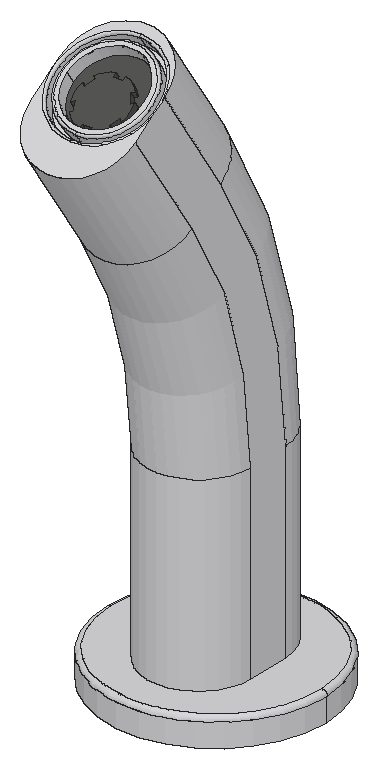
Revit family "Faucet_Touchless-Lavatory-KOHLER-Oblo-K-123B16", category Plumbing Fixtures, host Face, Revit 2017
Family settings
  Host = Face
  Round Connector Dimension = Use Diameter
  Part Type = Normal
  OmniClass Number = 23.31.11.00
  OmniClass Title = Faucets
  Cut with Voids When Loaded = No
  Shared = No
  Room Calculation Point = No
Parameters (values of type "CP-Polished Chrome")
  Width = 2 5/16"  # constant formula
  WaterSense Certified = 1 = 0  # no
  Waste Water Outlet = "Waste Water Outlet"  # constant formula
  Waste Connection = 1 = 0  # no
  Voltage = 120 V  # constant formula
  Vent Connection = 1 = 0  # no
  URL = "https://www.us.kohler.com/us/"
  Spout Reach = 6 1/8"  # constant formula
  Product Page URL = "http://www.us.kohler.com/us/catalog/productDetails.jsp?productNumber=123B16-SANA"
  Product Name = "Oblo"  # constant formula
  Product Documentation Link = "https://www.us.kohler.com/webassets/kpna/catalog/pdf/en/K-123B16-SANA_spec.pdf"
  Pressure = 60.00 psi  # constant formula
  Model = "K-123B16-SANA-CP"  # constant formula
  Material = "Brass Construction"  # constant formula
  MasterFormat 2004 = "22.41.39"  # constant formula
  MasterFormat 1995 = "15410"  # constant formula
  Manufacturer Address = "444 Highland Dr, Kohler, WI 53044"  # constant formula
  Manufacturer = "KOHLER Co."  # constant formula
  Length = Spout Reach  # 6 1/8"
  Hot Water Inlet = "Tempered Water Inlet"  # constant formula
  Height = 2 5/16"  # constant formula
  HW Connection = 1 = 1  # yes
  Flow Rate = 0.5 GPM  # constant formula
  Finish = Kohler-Metal-CP-Polished_Chrome
  Environmental Product Declaration = ""
  Electrical Note = "One dedicated circuit required, protected with Class A Ground-Fault Circuit-Interrupter (GFCI). Outside North America, this device may be known as a Residual Current Device (RCD)"  # constant formula
  Electrical Connector = 1 = 1  # yes
  Drain Included = 1 = 1  # yes
  Description = "Wall-mount touchless faucet with Kinesis sensor technology, AC-powered"  # constant formula
  Default Elevation = 36"
  Declare Label = ""
  Date Modified = "01/09/2020"  # constant formula
  Date Created = "01/09/2020"  # constant formula
  Copyright = "Copyright KOHLER Co."  # constant formula
  Contact Us = "https://www.us.kohler.com/us/static/contact.jsp"
  Cold Water Inlet = "Cold Water Inlet"  # constant formula
  CW Connection = 1 = 0  # no
  Assembly Code = "D2010"
  Apparent Load = 15 A * Voltage  # 1800 VA
  ADA Compliant = 1 = 1  # yes
Reference planes (in)
  plane 1 "Center (Front/Back)": y = 0
  plane 2: z = 0
  plane 3 "Center (Left/Right)": x = 0
  plane 4: x = -1.15625
  plane 5: y = 1.15625
  plane 6: x = 1.15625
  plane 7: y = -1.15625
  plane 8: y = -1.5625
  plane 9: z = 6.125
  plane 10: z = 0.29528
  plane 11: x = -0.55395
  plane 12: x = 0.54842
  plane 13: y = 0.90394
Dimensions and locks (in)
  "Width": plane 4 to plane 6
  "Height": plane 7 to plane 5
  "Length": plane 9 to plane 2
  locked: plane 1 "Center (Front/Back)" to plane 8 at 1.5625
  aligned and locked: plane 2 to host face
  aligned and locked: level to host face
Automatic sketch dimensions
  host sketch curve to host sketch curve = 96"  (x2)
Nested families (in)
  nested 1: "K-123B16" at (0, 0, 0), type "K-123B16"
Connectors (in)
  piping at (0, 0, 0), diameter 0.375, driven by "Flow Rate", driven by "Pressure", driven by "HW Connection", driven by "Hot Water Inlet"
    settings: on nested 1, index 1, connector inside diameter 24", connector length 0", flow factor 0, pipe flow 0.5 GPM, pressure drop 60.00 psi, fitting loss kfactor 0, connector angle 0.00°, fixture units 0, engagement length 0", angle of deflection 0.00°, flow configuration 1, flow direction 1, fitting loss method 4, system type 19, joint type 0, gender type 0, connector reference index -1, connector utility 1, adjustable connector no, is connector primary yes, connector description "Tempered Water Inlet"
  electrical at (0, 0.90394, 0), driven by "Voltage", driven by "Apparent Load", driven by "Electrical Connector", driven by "Electrical Note"
    settings: on nested 1, index 2, voltage 120 V, apparent load 1800 VA, apparent load phase1 0 VA, apparent load phase2 0 VA, apparent load phase3 0 VA, power factor 1, load classification "Other", number of poles 1, system type 30, power factor state 1, is connector primary yes, connector utility yes, sub classification motor no, connector description "One dedicated circuit required, protected with Class A Ground-Fault Circuit-Interrupter (GFCI). Outside North America, this device may be known as a Residual Current Device (RCD)"
Definition of nested family "K-123B16"
  Parameters (values of type "K-123B16")
    Material = none
  Reference planes (in)
    plane 1 "Center (Front/Back)": y = 0
    plane 2: z = 0
    plane 3 "Center (Left/Right)": x = 0
    plane 4: y = 1.15625
    plane 5: y = -1.15625
    plane 6: x = 1.15625
    plane 7: x = -1.15625
    plane 8: z = 6.125
    plane 9: y = -1.5625
    plane 10: z = 0.29528
    plane 11: y = 0.90394
  Forms (in)
    Sweep 1, solid, material <- "Material", detail levels medium+fine
      path origin (0, 0, 0) x (0, 1, 0) y (0, 0, 1)
        loop
          line (-0.77872, 0.29528) -> (-0.77872, 2.27834)
          arc (-0.77872, 2.27834) -> (-0.95217, 3.46828) -> (-1.4581, 4.55918) r 4.16835
          line (-1.4581, 4.55918) -> (-2.19355, 5.68419)
      profile origin (0, -0.77872, 1.28681) x (0, -1, 0) y (1, 0, 0)
        loop
          spline (-0.5473, -0.55395) -> (-0.40566, -0.53516) -> (-0.27367, -0.48008) -> (-0.16033, -0.39247) -> (-0.07337, -0.27829) -> (-0.01872, -0.14532) -> (-0.0001, -0.00264) -> (-0.01878, 0.14003) -> (-0.07349, 0.27297) -> (-0.1605, 0.38711) -> (-0.27388, 0.47467) -> (-0.40589, 0.52969) -> (-0.54754, 0.54842)
          line (-0.54754, 0.54842) -> (-1.00006, 0.54842)
          spline (-1.00006, 0.54842) -> (-1.14168, 0.52963) -> (-1.27365, 0.47457) -> (-1.38698, 0.38698) -> (-1.47394, 0.27282) -> (-1.52861, 0.13989) -> (-1.54725, -0.00277) -> (-1.52861, -0.14542) -> (-1.47394, -0.27836) -> (-1.38698, -0.39251) -> (-1.27365, -0.4801) -> (-1.14168, -0.53517) -> (-1.00006, -0.55395)
          line (-1.00006, -0.55395) -> (-0.5473, -0.55395)
    Sweep 2, solid, material <- "Material", detail levels medium+fine
      path origin (0, 0, 0) x (1, 0, 0) y (0, 1, 0)
        loop
          circle (0, 0) r 1.15625
      profile origin (0, 1.15625, 0) x (0, -1, 0) y (0, 0, 1)
        loop
          line (0, 0) -> (0.1084, 0) -> (0.1084, 0.29528) -> (0.05099, 0.29528)
          arc (0.05099, 0.29528) -> (0.01494, 0.28034) -> (0, 0.24428) r 0.05099
          line (0, 0.24428) -> (0, 0)
    Extrusion 3, solid, material <- "Material", detail levels medium+fine
      sketch origin (0, 0, 0) x (1, 0, 0) y (0, 1, 0)
        loop
          circle (0, 0) r 1.04785
      from 0 to 0.29528
    Extrusion 4, void
      sketch origin (0, -2.19355, 5.68419) x (1, 0, 0) y (0, 0.837014, 0.547181)
        loop
          circle (-0.00142, 0.89489) r 0.40439
      from -0.14394 to 0.32757
    Extrusion 5, solid, material <- "Material", detail levels coarse
      sketch origin (0, 0, 0) x (1, 0, 0) y (0, 1, 0)
        loop
          circle (0, 0) r 1.15625
      from 0 to 0.29528
    Sweep 6, solid, material <- "Material", detail levels coarse
      path origin (0, 0, 0) x (0, 1, 0) y (0, 0, 1)
        loop
          line (-0.77872, 0.29528) -> (-0.77872, 2.27834)
          arc (-0.77872, 2.27834) -> (-0.95217, 3.46828) -> (-1.4581, 4.55918) r 4.16835
          line (-1.4581, 4.55918) -> (-2.20601, 5.70325)
      profile origin (0, -0.77872, 1.28681) x (0, -1, 0) y (1, 0, 0)
        loop
          spline (-0.5473, -0.55395) -> (-0.40566, -0.53516) -> (-0.27367, -0.48008) -> (-0.16033, -0.39247) -> (-0.07337, -0.27829) -> (-0.01872, -0.14532) -> (-0.0001, -0.00264) -> (-0.01878, 0.14003) -> (-0.07349, 0.27297) -> (-0.1605, 0.38711) -> (-0.27388, 0.47467) -> (-0.40589, 0.52969) -> (-0.54754, 0.54842)
          line (-0.54754, 0.54842) -> (-1.00006, 0.54842)
          spline (-1.00006, 0.54842) -> (-1.14168, 0.52963) -> (-1.27365, 0.47457) -> (-1.38698, 0.38698) -> (-1.47394, 0.27282) -> (-1.52861, 0.13989) -> (-1.54725, -0.00277) -> (-1.52861, -0.14542) -> (-1.47394, -0.27836) -> (-1.38698, -0.39251) -> (-1.27365, -0.4801) -> (-1.14168, -0.53517) -> (-1.00006, -0.55395)
          line (-1.00006, -0.55395) -> (-0.5473, -0.55395)
    Extrusion 7, solid, material <- "Material", detail levels medium+fine
      sketch origin (0, 0, 0) x (1, 0, 0) y (0, 1, 0)
        loop
          circle (0, 0) r 0.1875
        loop
          circle (0, 0.90394) r 0.0625
      from 0 to 0.01554
    Extrusion 8, solid, detail levels medium+fine
      sketch origin (0, -2.19355, 5.68419) x (1, 0, 0) y (0, 0.837014, 0.547181)
        loop
          line (-0.05377, 0.51518) -> (-0.05377, 0.55513) -> (0.04532, 0.55513) -> (0.04532, 0.51518)
          arc (0.04532, 0.51518) -> (0.14003, 0.54955) -> (0.21714, 0.61439) r 0.2885
          line (0.21714, 0.61439) -> (0.18255, 0.63436) -> (0.23209, 0.72017) -> (0.26669, 0.7002)
          arc (0.26669, 0.7002) -> (0.28428, 0.7994) -> (0.26669, 0.89861) r 0.2885
          line (0.26669, 0.89861) -> (0.23209, 0.87864) -> (0.18255, 0.96445) -> (0.21714, 0.98442)
          arc (0.21714, 0.98442) -> (0.14003, 1.04926) -> (0.04532, 1.08362) r 0.2885
          line (0.04532, 1.08362) -> (0.04532, 1.04368) -> (-0.05377, 1.04368) -> (-0.05377, 1.08362)
          arc (-0.05377, 1.08362) -> (-0.14848, 1.04926) -> (-0.2256, 0.98442) r 0.2885
          line (-0.2256, 0.98442) -> (-0.19101, 0.96445) -> (-0.24055, 0.87864) -> (-0.27514, 0.89861)
          arc (-0.27514, 0.89861) -> (-0.29273, 0.7994) -> (-0.27514, 0.7002) r 0.2885
          line (-0.27514, 0.7002) -> (-0.24055, 0.72017) -> (-0.19101, 0.63436) -> (-0.2256, 0.61439)
          arc (-0.2256, 0.61439) -> (-0.14848, 0.54955) -> (-0.05377, 0.51518) r 0.2885
      from -0.14394 to -0.0823
    Revolve 9, void
      sketch origin (0, 0, 0) x (0, 1, 0) y (0, 0, 1)
        loop
          line (-0.9252, 6.34138) -> (-0.99042, 6.44115)
          arc (-0.99042, 6.44115) -> (-0.99393, 6.45976) -> (-0.98325, 6.4754) r 0.02474
          line (-0.98325, 6.4754) -> (-1.00535, 6.5092) -> (-1.08803, 6.45515) -> (-1.06594, 6.42135)
          arc (-1.06594, 6.42135) -> (-1.04831, 6.42467) -> (-1.0335, 6.41456) r 0.02344
          line (-1.0335, 6.41456) -> (-0.96756, 6.31369) -> (-0.9252, 6.34138)
        axis (-1.46626, 6.20789) -> (-1.3654, 6.05361)
      angle from 0 to 360
  Cuts and joins
    Extrusion 4, Revolve 9 cuts Sweep 1
    Revolve 9 cuts Sweep 2
    Revolve 9 cuts Extrusion 3
    joined: Sweep 1, Sweep 2, Extrusion 3
    joined: Extrusion 5, Sweep 6
  Lines and regions (in)
    Masking region 1
      outline origin (0, 0, 0) x (1, 0, 0) y (0, 1, 0)
        loop
          arc (1.15625, 0) -> (0, 1.15625) -> (-1.15625, 0) r 1.15625
          arc (-1.15625, 0) -> (-0.99434, -0.59009) -> (-0.55395, -1.01492) r 1.15625
          line (-0.55395, -1.01492) -> (-0.55395, -1.73545)
          spline (-0.55395, -1.73545) -> (-0.53516, -1.8572) -> (-0.48006, -1.97064) -> (-0.39242, -2.06805) -> (-0.27821, -2.14277) -> (-0.14522, -2.18972) -> (-0.00251, -2.2057) -> (0.14018, -2.18961) -> (0.27312, -2.14255) -> (0.38725, -2.06774) -> (0.47478, -1.97027) -> (0.52975, -1.85678) -> (0.54841, -1.73503)
          line (0.54841, -1.73503) -> (0.54841, -1.01792)
          arc (0.54841, -1.01792) -> (0.99273, -0.59279) -> (1.15625, 0) r 1.15625
    Masking region 2
      outline origin (0, 0, 0) x (1, 0, 0) y (0, 0, 1)
        loop
          line (-1.15625, 0) -> (1.15625, 0) -> (1.15625, 0.24372)
          arc (1.15625, 0.24372) -> (1.14115, 0.28018) -> (1.1047, 0.29528) r 0.05155
          line (1.1047, 0.29528) -> (0.54841, 0.29528) -> (0.54841, 6.23075)
          spline (0.54841, 6.23075) -> (0.52992, 6.30832) -> (0.47507, 6.38064) -> (0.38761, 6.44278) -> (0.27352, 6.49049) -> (0.14057, 6.52052) -> (-0.00217, 6.53082) -> (-0.14494, 6.52069) -> (-0.27801, 6.49082) -> (-0.3923, 6.44324) -> (-0.48, 6.38121) -> (-0.53514, 6.30895) -> (-0.55395, 6.23141)
          line (-0.55395, 6.23141) -> (-0.55395, 0.29528) -> (-1.10732, 0.29528)
          arc (-1.10732, 0.29528) -> (-1.14192, 0.28094) -> (-1.15625, 0.24634) r 0.04893
          line (-1.15625, 0.24634) -> (-1.15625, 0)
    Masking region 3
      outline origin (0, 0, 0) x (0, 1, 0) y (0, 0, 1)
        loop
          line (1.15625, 0) -> (1.15625, 0.24462)
          arc (1.15625, 0.24462) -> (1.14141, 0.28044) -> (1.1056, 0.29528) r 0.05065
          line (1.1056, 0.29528) -> (0.77914, 0.29528) -> (0.77914, 2.23348)
          arc (0.77914, 2.23348) -> (0.5373, 3.89256) -> (-0.16809, 5.41355) r 5.81173
          line (-0.16809, 5.41355) -> (-0.91143, 6.55063) -> (-2.20641, 5.70406) -> (-1.47183, 4.58038)
          arc (-1.47183, 4.58038) -> (-0.956, 3.46811) -> (-0.77914, 2.25486) r 4.25
          line (-0.77914, 2.25486) -> (-0.77914, 0.29528) -> (-1.10673, 0.29528)
          arc (-1.10673, 0.29528) -> (-1.14175, 0.28077) -> (-1.15625, 0.24576) r 0.04952
          line (-1.15625, 0.24576) -> (-1.15625, 0) -> (1.15625, 0)
    symbolic lines, detail levels medium+fine
      curve 1: spline (-0.55395, 0.22134, 0) -> (-0.53517, 0.36297, 0) -> (-0.4801, 0.49494, 0) -> (-0.39251, 0.60827, 0) -> (-0.27836, 0.69523, 0) -> (-0.14542, 0.74989, 0) -> (-0.00277, 0.76854, 0) -> (0.13989, 0.74989, 0) -> (0.27282, 0.69523, 0) -> (0.38698, 0.60827, 0) -> (0.47457, 0.49494, 0) -> (0.52963, 0.36297, 0) -> (0.54842, 0.22134, 0)
      curve 2: line (-0.55395, 0.22134, 0) -> (-0.55395, -1.01492, 0)
      curve 3: line (0.54842, 0.22134, 0) -> (0.54842, -1.01492, 0)
      curve 4: line (0.54842, 0, 0.29528) -> (-0.55395, 0, 0.29528)
      curve 5: line (0, 0.77914, 0.29528) -> (0, -0.77914, 0.29528)
      curve 6: spline (0.54842, -1.35649, 0) -> (0.52963, -1.23795, 0) -> (0.47457, -1.12748, 0) -> (0.38698, -1.03263, 0) -> (0.27282, -0.95984, 0) -> (0.13989, -0.91408, 0) -> (-0.00277, -0.89848, 0) -> (-0.14542, -0.91408, 0) -> (-0.27836, -0.95984, 0) -> (-0.39251, -1.03263, 0) -> (-0.4801, -1.12748, 0) -> (-0.53517, -1.23795, 0) -> (-0.55395, -1.35649, 0)
      curve 7: arc (-0.40873, -1.15625, 0) -> (-0.01308, -0.99346, 0) -> (0.38973, -1.13765, 0) r 0.59611
      curve 8: spline (0.40297, -1.44451, 0) -> (0.38919, -1.53212, 0) -> (0.34879, -1.61375, 0) -> (0.28453, -1.68385, 0) -> (0.20078, -1.73764, 0) -> (0.10324, -1.77146, 0) -> (-0.00142, -1.78299, 0) -> (-0.10608, -1.77146, 0) -> (-0.20361, -1.73764, 0) -> (-0.28737, -1.68385, 0) -> (-0.35163, -1.61375, 0) -> (-0.39203, -1.53212, 0) -> (-0.40581, -1.44451, 0)
      curve 9: spline (-0.40581, -1.44451, 0) -> (-0.39203, -1.35691, 0) -> (-0.35163, -1.27527, 0) -> (-0.28737, -1.20517, 0) -> (-0.20361, -1.15138, 0) -> (-0.10608, -1.11757, 0) -> (-0.00142, -1.10603, 0) -> (0.10324, -1.11757, 0) -> (0.20078, -1.15138, 0) -> (0.28453, -1.20517, 0) -> (0.34879, -1.27527, 0) -> (0.38919, -1.35691, 0) -> (0.40297, -1.44451, 0)
      curve 10: spline (-0.47531, -1.3654, 0) -> (-0.47473, -1.3457, 0) -> (-0.47298, -1.32605, 0) -> (-0.47007, -1.30649, 0) -> (-0.46601, -1.28708, 0) -> (-0.4608, -1.26786, 0) -> (-0.45447, -1.24888, 0) -> (-0.44702, -1.23018, 0) -> (-0.43847, -1.21182, 0) -> (-0.42885, -1.19384, 0) -> (-0.41817, -1.17627, 0) -> (-0.40647, -1.15917, 0) -> (-0.39377, -1.14258, 0)
      curve 11: spline (-0.52564, -1.37971, 0) -> (-0.52374, -1.40538, 0) -> (-0.52006, -1.43092, 0) -> (-0.5146, -1.45623, 0) -> (-0.50738, -1.48123, 0) -> (-0.49843, -1.50584, 0) -> (-0.48778, -1.52997, 0) -> (-0.47547, -1.55353, 0) -> (-0.46153, -1.57646, 0) -> (-0.44601, -1.59866, 0) -> (-0.42897, -1.62007, 0) -> (-0.41047, -1.6406, 0) -> (-0.39056, -1.6602, 0)
      curve 12: arc (-0.52564, -1.37971, 0) -> (-0.48587, -1.2582, 0) -> (-0.40873, -1.15625, 0) r 0.38754
      curve 13: arc (-0.39056, -1.6602, 0) -> (0.01139, -1.82945, 0) -> (0.40647, -1.64473, 0) r 0.53726
      curve 14: arc (-0.46476, -1.50919, 0) -> (-0.47267, -1.43749, 0) -> (-0.47531, -1.3654, 0) r 0.98496
      curve 15: arc (-0.39056, -1.6602, 0) -> (-0.43947, -1.5905, 0) -> (-0.46476, -1.50919, 0) r 0.27562
      curve 16: spline (-0.40157, -1.41462, 0) -> (-0.39295, -1.45044, 0) -> (-0.37976, -1.48527, 0) -> (-0.36216, -1.51871, 0) -> (-0.34036, -1.55037, 0) -> (-0.31461, -1.57988, 0) -> (-0.2852, -1.60689, 0) -> (-0.25249, -1.63109, 0) -> (-0.21686, -1.65219, 0) -> (-0.17871, -1.66996, 0) -> (-0.1385, -1.68419, 0) -> (-0.09669, -1.6947, 0) -> (-0.05377, -1.70138, 0)
      curve 17: line (0.04532, -1.20778, 0) -> (0.04532, -1.27494, 0)
      curve 18: line (0.04532, -1.27494, 0) -> (-0.05377, -1.27494, 0)
      curve 19: line (-0.05377, -1.24121, 0) -> (0.04532, -1.24121, 0)
      curve 20: spline (0.21714, -1.32454, 0) -> (0.20595, -1.31397, 0) -> (0.19403, -1.30397, 0) -> (0.18144, -1.29457, 0) -> (0.16821, -1.2858, 0) -> (0.15439, -1.27769, 0) -> (0.14003, -1.27027, 0) -> (0.12517, -1.26357, 0) -> (0.10987, -1.25761, 0) -> (0.09418, -1.2524, 0) -> (0.07816, -1.24797, 0) -> (0.06185, -1.24434, 0) -> (0.04532, -1.24151, 0)
      curve 21: spline (0.04532, -1.20778, 0) -> (0.06185, -1.21061, 0) -> (0.07816, -1.21425, 0) -> (0.09418, -1.21868, 0) -> (0.10987, -1.22388, 0) -> (0.12517, -1.22984, 0) -> (0.14003, -1.23654, 0) -> (0.15439, -1.24396, 0) -> (0.16821, -1.25207, 0) -> (0.18144, -1.26084, 0) -> (0.19403, -1.27024, 0) -> (0.20595, -1.28025, 0) -> (0.21714, -1.29081, 0)
      curve 22: line (0.21714, -1.29081, 0) -> (0.21714, -1.32454, 0)
      curve 23: line (0.18255, -1.34126, 0) -> (0.21714, -1.32454, 0)
      curve 24: line (0.2, -1.33283, 0) -> (0.23209, -1.37936, 0)
      curve 25: line (0.23209, -1.41308, 0) -> (0.18255, -1.34126, 0)
      curve 26: line (0.26669, -1.39637, 0) -> (0.23209, -1.41308, 0)
      curve 27: line (0.23209, -1.37936, 0) -> (0.26669, -1.36264, 0)
      curve 28: line (0.23209, -1.37936, 0) -> (0.23209, -1.41308, 0)
      curve 29: spline (0.26669, -1.36264, 0) -> (0.27, -1.37064, 0) -> (0.27297, -1.37874, 0) -> (0.27561, -1.38692, 0) -> (0.2779, -1.39517, 0) -> (0.27984, -1.40348, 0) -> (0.28143, -1.41184, 0) -> (0.28267, -1.42025, 0) -> (0.28356, -1.42869, 0) -> (0.2841, -1.43714, 0) -> (0.28428, -1.44561, 0) -> (0.2841, -1.45408, 0) -> (0.28357, -1.46254, 0)
      curve 30: spline (0.26669, -1.56244, 0) -> (0.27202, -1.54904, 0) -> (0.27641, -1.5354, 0) -> (0.27985, -1.52157, 0) -> (0.2823, -1.50759, 0) -> (0.28378, -1.49352, 0) -> (0.28428, -1.4794, 0) -> (0.28378, -1.46528, 0) -> (0.2823, -1.45121, 0) -> (0.27985, -1.43724, 0) -> (0.27641, -1.42341, 0) -> (0.27202, -1.40977, 0) -> (0.26669, -1.39637, 0)
      curve 31: line (0.23209, -1.54572, 0) -> (0.26669, -1.56244, 0)
      curve 32: line (0.18255, -1.61755, 0) -> (0.23209, -1.54572, 0)
      curve 33: line (0.21714, -1.63426, 0) -> (0.18255, -1.61755, 0)
      curve 34: spline (0.16819, -1.67302, 0) -> (0.17267, -1.67017, 0) -> (0.17708, -1.66724, 0) -> (0.18142, -1.66425, 0) -> (0.18569, -1.66118, 0) -> (0.18989, -1.65805, 0) -> (0.19402, -1.65484, 0) -> (0.19807, -1.65157, 0) -> (0.20205, -1.64824, 0) -> (0.20594, -1.64484, 0) -> (0.20976, -1.64137, 0) -> (0.21349, -1.63785, 0) -> (0.21714, -1.63426, 0)
      curve 35: line (0.21714, -1.60054, 0) -> (0.21714, -1.63426, 0)
      curve 36: line (0.2, -1.59225, 0) -> (0.21714, -1.60054, 0)
      curve 37: spline (0.47531, -1.3654, 0) -> (0.4747, -1.3452, 0) -> (0.47286, -1.32506, 0) -> (0.4698, -1.30501, 0) -> (0.46554, -1.28513, 0) -> (0.46007, -1.26545, 0) -> (0.45341, -1.24603, 0) -> (0.44559, -1.22691, 0) -> (0.43661, -1.20816, 0) -> (0.42651, -1.18981, 0) -> (0.41531, -1.17191, 0) -> (0.40304, -1.15451, 0) -> (0.38973, -1.13765, 0)
      curve 38: arc (0.46476, -1.50919, 0) -> (0.47267, -1.43749, 0) -> (0.47531, -1.3654, 0) r 0.98496
      curve 39: arc (0.39056, -1.6602, 0) -> (0.43947, -1.5905, 0) -> (0.46476, -1.50919, 0) r 0.27562
      curve 40: spline (0.52564, -1.37971, 0) -> (0.52374, -1.40538, 0) -> (0.52006, -1.43092, 0) -> (0.5146, -1.45623, 0) -> (0.50738, -1.48123, 0) -> (0.49843, -1.50584, 0) -> (0.48778, -1.52997, 0) -> (0.47547, -1.55353, 0) -> (0.46153, -1.57646, 0) -> (0.44601, -1.59866, 0) -> (0.42897, -1.62007, 0) -> (0.41047, -1.6406, 0) -> (0.39056, -1.6602, 0)
      curve 41: arc (0.52564, -1.37971, 0) -> (0.4813, -1.24972, 0) -> (0.3944, -1.14336, 0) r 0.38754
      curve 42: line (-0.05377, -1.70138, 0) -> (-0.05377, -1.65014, 0)
      curve 43: line (0.04532, -1.65014, 0) -> (-0.05377, -1.65014, 0)
      curve 44: line (0.04532, -1.65014, 0) -> (0.04532, -1.70196, 0)
      curve 45: line (-0.05377, -1.68387, 0) -> (0.04532, -1.68387, 0)
      curve 46: spline (0.04532, -1.70196, 0) -> (0.08973, -1.69552, 0) -> (0.13302, -1.68498, 0) -> (0.17463, -1.67047, 0) -> (0.21405, -1.65218, 0) -> (0.2508, -1.63032, 0) -> (0.28441, -1.60518, 0) -> (0.31448, -1.57707, 0) -> (0.34061, -1.54633, 0) -> (0.3625, -1.51334, 0) -> (0.37986, -1.47852, 0) -> (0.39249, -1.4423, 0) -> (0.40022, -1.40513, 0)
      curve 47: line (-0.05377, -1.20912, 0) -> (-0.05377, -1.27494, 0)
      curve 48: spline (-0.21714, -1.32454, 0) -> (-0.20644, -1.31441, 0) -> (-0.19507, -1.3048, 0) -> (-0.18308, -1.29573, 0) -> (-0.1705, -1.28724, 0) -> (-0.15737, -1.27936, 0) -> (-0.14374, -1.2721, 0) -> (-0.12964, -1.26549, 0) -> (-0.11512, -1.25955, 0) -> (-0.10022, -1.2543, 0) -> (-0.085, -1.24976, 0) -> (-0.0695, -1.24594, 0) -> (-0.05377, -1.24285, 0)
      curve 49: spline (-0.05377, -1.20912, 0) -> (-0.0695, -1.21221, 0) -> (-0.085, -1.21603, 0) -> (-0.10022, -1.22057, 0) -> (-0.11512, -1.22582, 0) -> (-0.12964, -1.23176, 0) -> (-0.14374, -1.23837, 0) -> (-0.15737, -1.24563, 0) -> (-0.1705, -1.25351, 0) -> (-0.18308, -1.262, 0) -> (-0.19507, -1.27107, 0) -> (-0.20644, -1.28068, 0) -> (-0.21714, -1.29081, 0)
      curve 50: line (-0.21714, -1.29081, 0) -> (-0.21714, -1.32454, 0)
      curve 51: line (-0.18255, -1.34126, 0) -> (-0.21714, -1.32454, 0)
      curve 52: line (-0.2, -1.33283, 0) -> (-0.23209, -1.37936, 0)
      curve 53: line (-0.23209, -1.41308, 0) -> (-0.18255, -1.34126, 0)
      curve 54: line (-0.26669, -1.39637, 0) -> (-0.23209, -1.41308, 0)
      curve 55: line (-0.23209, -1.37936, 0) -> (-0.26669, -1.36264, 0)
      curve 56: line (-0.23209, -1.37936, 0) -> (-0.23209, -1.41308, 0)
      curve 57: spline (-0.26669, -1.36264, 0) -> (-0.27, -1.37064, 0) -> (-0.27297, -1.37874, 0) -> (-0.27561, -1.38692, 0) -> (-0.2779, -1.39517, 0) -> (-0.27984, -1.40348, 0) -> (-0.28143, -1.41184, 0) -> (-0.28267, -1.42025, 0) -> (-0.28356, -1.42869, 0) -> (-0.2841, -1.43714, 0) -> (-0.28428, -1.44561, 0) -> (-0.2841, -1.45408, 0) -> (-0.28357, -1.46254, 0)
      curve 58: spline (-0.26669, -1.56244, 0) -> (-0.27202, -1.54904, 0) -> (-0.27641, -1.5354, 0) -> (-0.27985, -1.52157, 0) -> (-0.2823, -1.50759, 0) -> (-0.28378, -1.49352, 0) -> (-0.28428, -1.4794, 0) -> (-0.28378, -1.46528, 0) -> (-0.2823, -1.45121, 0) -> (-0.27985, -1.43724, 0) -> (-0.27641, -1.42341, 0) -> (-0.27202, -1.40977, 0) -> (-0.26669, -1.39637, 0)
      curve 59: line (-0.23209, -1.54572, 0) -> (-0.26669, -1.56244, 0)
      curve 60: line (-0.18255, -1.61755, 0) -> (-0.23209, -1.54572, 0)
      curve 61: line (-0.21714, -1.63426, 0) -> (-0.18255, -1.61755, 0)
      curve 62: spline (-0.16819, -1.67302, 0) -> (-0.17267, -1.67017, 0) -> (-0.17708, -1.66724, 0) -> (-0.18142, -1.66425, 0) -> (-0.18569, -1.66118, 0) -> (-0.18989, -1.65805, 0) -> (-0.19402, -1.65484, 0) -> (-0.19807, -1.65157, 0) -> (-0.20205, -1.64824, 0) -> (-0.20594, -1.64484, 0) -> (-0.20976, -1.64137, 0) -> (-0.21349, -1.63785, 0) -> (-0.21714, -1.63426, 0)
      curve 63: line (-0.21714, -1.60054, 0) -> (-0.21714, -1.63426, 0)
      curve 64: line (-0.2, -1.59225, 0) -> (-0.21714, -1.60054, 0)
  Dimensions and locks (in)
    plane 8 to plane 2 = 6 1/8"
    plane 1 "Center (Front/Back)" to plane 9 = 1 9/16"
    aligned and locked: plane 2 to level
